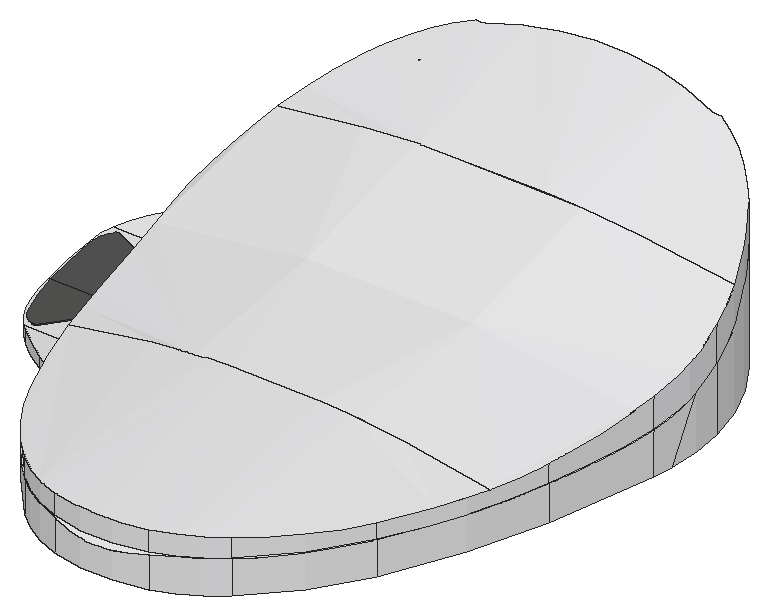
Revit family "Toilet_Seat-Elongated_Closed_Front-KOHLER-C3-230-K-4108BR_1", category Plumbing Fixtures, host Face, Revit 2017
Family settings
  Host = Face
  Round Connector Dimension = Use Diameter
  Part Type = Normal
  OmniClass Number = 23.31.19.19.17
  OmniClass Title = Water Closet Seats
  Cut with Voids When Loaded = No
  Shared = No
  Room Calculation Point = No
Parameters (values of type "0-White")
  Width = 17.14961"  # constant formula
  WaterSense Certified = 1 = 0  # no
  Waste Water Outlet = "Waste Water Outlet"  # constant formula
  Waste Connection = 1 = 0  # no
  Voltage = 240 V  # constant formula
  Vent Connection = 1 = 0  # no
  URL = "https://br.kohler.com/"
  Type = 1
  Product Page URL = "https://www.br.kohler.com/product-detail/4108br?skuid=K-4108BR-0"
  Product Name = "C3-230"  # constant formula
  Product Documentation Link = "http://resources.kohler.com/plumbing/kohlerbrazil/pdf/K-4108BR_spec_br.pdf"
  Pressure = 0.00 psi
  Model = "K-4108BR-0"  # constant formula
  Material = "Plastic"  # constant formula
  Master Format 2014 Name = "Residential Water Closets"  # constant formula
  Master Format 2014 = "22 41 13.13"  # constant formula
  Manufacturer Address = "Rio de Janeiro MULTIREPAROS RUA BATISTA DA COSTA, Nº 352 | STORE B Rio de Janeiro SÃO GONÇALO 24450-470"  # constant formula
  Manufacturer = "KOHLER Co."  # constant formula
  Length = 20.44882"  # constant formula
  Hot Water Inlet = "Hot Water Inlet"  # constant formula
  Height = 6.15748"  # constant formula
  HW Connection = 1 = 0  # no
  Flow Rate = 0 GPM
  Finish = Kohler-Plastic-0-White
  Environmental Product Declaration = ""
  Electrical Note = "Route the electrical and install to a 220-240V GFCI- or ELCB-protected Receptacle"  # constant formula
  Electrical Connector = 1 = 1  # yes
  Description = "Electronic toilet seat with bidet function - 110V"  # constant formula
  Default Elevation = 0"
  Declare Label = ""
  Date Modified = "01/14/2021"  # constant formula
  Date Created = "01/14/2021"  # constant formula
  Copyright = "Copyright KOHLER Co."  # constant formula
  Contact Us = "https://br.kohler.com/asr-listing"
  Cold Water Inlet = "Cold Water Inlet"  # constant formula
  CW Connection = 1 = 1  # yes
  Assembly Code = "D2010100"
  Apparent Load = 2400 VA  # constant formula
  ADA Compliant = 1 = 0  # no
Reference planes (in)
  plane 1 "Center (Front/Back)": y = 0
  plane 2: z = 0
  plane 3 "Center (Left/Right)": x = 0
  plane 4: y = -20.44882
  plane 5: z = 6.15748
  plane 6: x = 7.69278
  plane 7: x = -9.45682
  plane 8: z = 0.25235
  plane 9: y = -10.75
  plane 10: y = -5.80094
  plane 11: x = -7.9233
  plane 12: z = 0.92035
  plane 13: z = 1.49606
  plane 14: x = -7.70092
Dimensions and locks (in)
  "Length": plane 4 to plane 1 "Center (Front/Back)"
  "Height": plane 5 to level
  "Width": plane 6 to plane 7
  plane 9 to plane 1 "Center (Front/Back)" = 10 3/4"
  plane 13 to level = 1.49606"
  plane 14 to plane 6 = 15.3937"
  aligned and locked: plane 2 to host face
  aligned and locked: level to host face
Automatic sketch dimensions
  host sketch curve to host sketch curve = 96"  (x2)
Nested families (in)
  nested 1: "K-4108BR" at (0.00528, 0, 0), type "K-4108BR"
  nested 2: "Light Source" at (-0.00955, 0.2126, 0.60029) x (0, 1, 0) z (0, 0, 1), type "Light Source"
Connectors (in)
  electrical at (-7.33232, -4.75583, 1.1855), driven by "Electrical Connector", driven by "Electrical Note", driven by "Voltage", driven by "Apparent Load"
    settings: on nested 1, index 1, voltage 240 V, apparent load 2400 VA, apparent load phase1 0 VA, apparent load phase2 0 VA, apparent load phase3 0 VA, power factor 1, load classification "Power", number of poles 1, system type 30, power factor state 1, is connector primary yes, connector utility yes, sub classification motor no, connector description "Route the electrical and install to a 220-240V GFCI- or ELCB-protected Receptacle"
  piping at (-7.9233, -5.80094, 0.92035), diameter 0.5, driven by "CW Connection", driven by "Cold Water Inlet", driven by "Flow Rate"
    settings: on nested 1, index 2, connector inside diameter 24", connector length 0", flow factor 0, pipe flow 0 GPM, pressure drop 0.00 psi, fitting loss kfactor 0, connector angle 0.00°, fixture units 0, engagement length 0", angle of deflection 0.00°, flow configuration 0, flow direction 1, fitting loss method 0, system type 20, joint type 0, gender type 0, connector reference index -1, connector utility 1, adjustable connector no, is connector primary yes, connector description "Cold Water Inlet"
Definition of nested family "K-4108BR"
  Parameters (values of type "K-4108BR")
    Finish = none
  Reference planes (in)
    plane 1 "Center (Front/Back)": y = 0
    plane 2: z = 0
    plane 3 "Center (Left/Right)": x = 0
    plane 4: z = 6.1875
    plane 5: x = 7.6875
    plane 6: z = 0.22718
    plane 7: y = -20.5
    plane 8: x = -9.43848
    plane 9: z = 0.25235
    plane 10: y = -5.80094
    plane 11: x = -7.92858
    plane 12: z = 0.92035
  Forms (in)
    Extrusion 1, solid, material <- "Finish", detail levels medium+fine
      sketch origin (0, 0, 0) x (1, 0, 0) y (0, 1, 0)
        loop
          arc (3.21811, -0.46301) -> (0, -0.01438) -> (-3.21811, -0.46301) r 11.76638
          arc (-3.21811, -0.46301) -> (-4.76648, -1.17358) -> (-6.02837, -2.31811) r 5.58153
          arc (-6.02837, -2.31811) -> (-6.95535, -3.77962) -> (-7.52246, -5.41477) r 7.49639
          arc (-7.52246, -5.41477) -> (-7.69326, -6.71655) -> (-7.63433, -8.02816) r 7.49639
          arc (-7.63433, -8.02816) -> (-7.37625, -9.73974) -> (-7.05989, -11.44151) r 50.69936
          arc (-7.05989, -11.44151) -> (-6.405, -13.86808) -> (-5.4516, -16.19363) r 20.04551
          arc (-5.4516, -16.19363) -> (-4.49347, -17.77758) -> (-3.26114, -19.15898) r 10.05231
          arc (-3.26114, -19.15898) -> (-2.42572, -19.77763) -> (-1.47313, -20.19384) r 4.61995
          arc (-1.47313, -20.19384) -> (0, -20.41586) -> (1.47313, -20.19384) r 4.99813
          arc (1.47313, -20.19384) -> (2.42572, -19.77763) -> (3.26114, -19.15898) r 4.61995
          arc (3.26114, -19.15898) -> (4.49347, -17.77758) -> (5.4516, -16.19363) r 10.05231
          arc (5.4516, -16.19363) -> (6.405, -13.86808) -> (7.05989, -11.44151) r 20.04551
          arc (7.05989, -11.44151) -> (7.37625, -9.73974) -> (7.63433, -8.02816) r 50.69936
          arc (7.63433, -8.02816) -> (7.69326, -6.71655) -> (7.52246, -5.41477) r 7.49639
          arc (7.52246, -5.41477) -> (6.95535, -3.77962) -> (6.02837, -2.31811) r 7.49639
          arc (6.02837, -2.31811) -> (4.76648, -1.17358) -> (3.21811, -0.46301) r 5.58153
      from 0 to 6.36348
    Sweep 2, void
      path origin (0, 0, 0) x (0, 1, 0) y (0, 0, 1)
        loop
          arc (1.8246, 6.40275) -> (-1.37626, 5.34999) -> (-4.52538, 4.15126) r 73.3181
          arc (-4.52538, 4.15126) -> (-8.81367, 2.75925) -> (-13.25858, 2.00433) r 30.9836
          arc (-13.25858, 2.00433) -> (-17.09675, 1.67581) -> (-20.94073, 1.42436) r 192.0335
      profile origin (0, -13.25858, 2.00433) x (0, 0.095268, -0.995452) y (1, 0, 0)
        loop
          arc (0.9375, -8.5) -> (-0.25712, 0.01451) -> (0.9375, 8.52903) r 30.9405
          line (0.9375, 8.52903) -> (-5.5625, 8.52903) -> (-5.5625, -8.5) -> (0.9375, -8.5)
    Extrusion 3, void, detail levels medium+fine
      sketch origin (0, 0, 0) x (0, 1, 0) y (0, 0, 1)
        loop
          line (-20.49173, 1.05407) -> (-20.49173, 0.71365)
          arc (-20.49173, 0.71365) -> (-20.23088, 0.95214) -> (-19.88816, 1.03852) r 0.72311
          line (-19.88816, 1.03852) -> (-18.71042, 1.03852)
          arc (-18.71042, 1.03852) -> (-17.49482, 1.04049) -> (-16.27923, 1.04639) r 375.63314
          arc (-16.27923, 1.04639) -> (-14.89289, 1.05352) -> (-13.50654, 1.05699) r 523.6616
          arc (-13.50654, 1.05699) -> (-11.49299, 1.08519) -> (-9.48082, 1.16501) r 78.51973
          arc (-9.48082, 1.16501) -> (-8.26866, 1.28139) -> (-7.07109, 1.50204) r 14.08347
          arc (-7.07109, 1.50204) -> (-6.77673, 1.57318) -> (-6.48411, 1.65116) r 12.98825
          line (-6.48411, 1.65116) -> (-7.40766, -0.03784) -> (-7.37213, -0.03784) -> (-6.44214, 1.66294)
          arc (-6.44214, 1.66294) -> (-4.72017, 2.28366) -> (-3.10256, 3.14027) r 12.98825
          arc (-3.10256, 3.14027) -> (-2.23069, 3.70777) -> (-1.38156, 4.30878) r 26.72135
          arc (-1.38156, 4.30878) -> (-1.14448, 4.2177) -> (-0.89238, 4.24859) r 0.52488
          arc (-0.89238, 4.24859) -> (-0.34442, 4.35267) -> (0.20535, 4.25858) r 1.56975
          line (0.20535, 4.25858) -> (0.20535, 6.34477) -> (-0.69392, 5.64218)
          arc (-0.69392, 5.64218) -> (-0.6392, 5.2552) -> (-0.57657, 4.86943) r 19.0916
          arc (-0.57657, 4.86943) -> (-0.57225, 4.69665) -> (-0.61791, 4.52995) r 0.59331
          arc (-0.61791, 4.52995) -> (-0.97209, 4.24156) -> (-1.41296, 4.36096) r 0.5004
          arc (-1.41296, 4.36096) -> (-2.82336, 3.35624) -> (-4.3312, 2.50468) r 16.51938
          arc (-4.3312, 2.50468) -> (-6.65609, 1.62593) -> (-9.10945, 1.22798) r 12.41261
          arc (-9.10945, 1.22798) -> (-11.98075, 1.09756) -> (-14.85468, 1.05407) r 94.98598
          line (-14.85468, 1.05407) -> (-20.49173, 1.05407)
      from -7.77013 to 7.75302
    Extrusion 4, solid, material <- "Finish", detail levels medium+fine
      sketch origin (0, 0, 0) x (0, 1, 0) y (0, 0, 1)
        loop
          line (-0.16582, 4.11715) -> (-0.34721, 4.90284)
          arc (-0.34721, 4.90284) -> (-0.48688, 5.20803) -> (-0.73542, 5.43359) r 0.8352
          line (-0.73542, 5.43359) -> (-0.73542, 4.11715) -> (-0.16582, 4.11715)
      from -2.95276 to 3.11696
    Extrusion 5, void
      sketch origin (0, -0.03125, 0) x (1, 0, 0) y (0, 1, 0)
        loop
          line (3.21811, -0.46301) -> (3.21811, 0.03699) -> (-3.09878, 0.03699) -> (-3.09878, -0.42983)
          arc (-3.09878, -0.42983) -> (-1.56294, -0.13194) -> (0, -0.06309) r 10.61202
          arc (0, -0.06309) -> (1.62442, -0.1394) -> (3.21811, -0.46301) r 10.61202
      from 3.90511 to 5.72495
    Extrusion 6, solid, material <- "Finish", detail levels medium+fine
      sketch origin (0, 0, 0) x (0, 1, 0) y (0, 0, 1)
        loop
          line (-0.51973, 5.55823) -> (-0.88809, 5.38646) -> (-0.88809, 4.19155) -> (-0.12784, 4.19155) -> (-0.51973, 5.55823)
      from 3.01179 to 3.13401
    Extrusion 7, solid, material <- "Finish", detail levels medium+fine
      sketch origin (0, 0, 0) x (0, 1, 0) y (0, 0, -1)
        loop
          line (-0.51973, -5.55823) -> (-0.12784, -4.19155) -> (-0.88809, -4.19155) -> (-0.88809, -5.38646) -> (-0.51973, -5.55823)
      from 3.01179 to 3.13401
    Extrusion 8, solid, material <- "Finish"
      sketch origin (0, 0, 0) x (0, 1, 0) y (0, 0, 1)
        loop
          arc (-8.10861, 1.13089) -> (-9.43948, 0.95739) -> (-10.77935, 0.87941) r 18.77516
          arc (-10.77935, 0.87941) -> (-11.8877, 0.86934) -> (-12.99593, 0.88876) r 41.66374
          arc (-12.99593, 0.88876) -> (-13.79881, 0.93633) -> (-14.59771, 1.02931) r 14.18731
          line (-14.59771, 1.02931) -> (-14.59771, 0.7053) -> (-13.86937, 0.58994)
          arc (-13.86937, 0.58994) -> (-12.86766, 0.46162) -> (-11.8601, 0.39294) r 17.01978
          arc (-11.8601, 0.39294) -> (-10.9891, 0.37509) -> (-10.11801, 0.38842) r 24.33662
          arc (-10.11801, 0.38842) -> (-9.35234, 0.41616) -> (-8.58684, 0.44849) r 127.68557
          arc (-8.58684, 0.44849) -> (-7.7288, 0.57474) -> (-6.91345, 0.87035) r 4.30622
          line (-6.91345, 0.87035) -> (-6.4655, 1.67849)
          arc (-6.4655, 1.67849) -> (-7.26561, 1.34035) -> (-8.10861, 1.13089) r 5.56286
      from -9.63232 to -5.35433
    Extrusion 9, void
      sketch origin (0, 0, 0) x (1, 0, 0) y (0, 1, 0)
        loop
          line (-7.54489, -6.48776) -> (-7.54489, -6.15976) -> (-9.79489, -6.15976) -> (-9.79489, -14.78489) -> (-5.84699, -14.78489) -> (-6.91653, -14.03599)
          arc (-6.91653, -14.03599) -> (-7.47514, -13.62185) -> (-8.0105, -13.17806) r 12.83427
          arc (-8.0105, -13.17806) -> (-8.5294, -12.58959) -> (-8.88113, -11.88828) r 3.05193
          arc (-8.88113, -11.88828) -> (-9.27387, -10.39394) -> (-9.42667, -8.85643) r 9.79239
          arc (-9.42667, -8.85643) -> (-9.27516, -8.06851) -> (-8.81547, -7.41089) r 1.92403
          arc (-8.81547, -7.41089) -> (-8.20845, -6.91041) -> (-7.54489, -6.48776) r 6.43387
      from 0.25591 to 1.78504
    Extrusion 10, solid, material <- "Finish", detail levels medium+fine
      sketch origin (0, 0, 0) x (0, 1, 0) y (0, 0, 1)
        loop
          arc (-1.2979, 4.73942) -> (-3.56552, 3.16493) -> (-6.10642, 2.08558) r 13.47548
          arc (-6.10642, 2.08558) -> (-9.2036, 1.39709) -> (-12.37103, 1.21299) r 19.76718
          arc (-12.37103, 1.21299) -> (-15.43707, 1.26604) -> (-18.50349, 1.28853) r 307.77215
          arc (-18.50349, 1.28853) -> (-19.1969, 1.28938) -> (-19.89031, 1.28867) r 307.77215
          line (-19.89031, 1.28867) -> (-19.89031, 0.91173) -> (-18.56185, 0.91173)
          arc (-18.56185, 0.91173) -> (-14.02488, 0.953) -> (-9.48942, 1.0768) r 249.40123
          arc (-9.48942, 1.0768) -> (-5.13825, 1.95608) -> (-1.2979, 4.1826) r 13.67664
          line (-1.2979, 4.1826) -> (-1.2979, 4.73942)
      from -7.44902 to 7.38839
    Extrusion 11, void
      sketch origin (0, 0, 0) x (1, 0, 0) y (0, 1, 0)
        loop
          arc (5.63988, -2.63286) -> (4.49102, -1.59086) -> (3.08136, -0.94395) r 5.08153
          arc (3.08136, -0.94395) -> (0, -0.51438) -> (-3.08136, -0.94395) r 11.26638
          arc (-3.08136, -0.94395) -> (-4.49102, -1.59086) -> (-5.63988, -2.63286) r 5.08153
          arc (-5.63988, -2.63286) -> (-6.50502, -3.9969) -> (-7.03431, -5.52298) r 6.99639
          arc (-7.03431, -5.52298) -> (-7.19372, -6.73793) -> (-7.13872, -7.96206) r 6.99639
          arc (-7.13872, -7.96206) -> (-6.88318, -9.65676) -> (-6.56995, -11.34175) r 50.19936
          arc (-6.56995, -11.34175) -> (-5.93139, -13.70779) -> (-5.00177, -15.97533) r 19.54551
          arc (-5.00177, -15.97533) -> (-4.93948, -16.10133) -> (-4.87534, -16.22639) r 9.55231
          arc (-4.87534, -16.22639) -> (0, -19.1806) -> (4.87534, -16.22639) r 5.5
          arc (4.87534, -16.22639) -> (4.93948, -16.10133) -> (5.00177, -15.97533) r 9.55231
          arc (5.00177, -15.97533) -> (5.93139, -13.70779) -> (6.56995, -11.34175) r 19.54551
          arc (6.56995, -11.34175) -> (6.88318, -9.65676) -> (7.13872, -7.96206) r 50.19936
          arc (7.13872, -7.96206) -> (7.19372, -6.73793) -> (7.03431, -5.52298) r 6.99639
          arc (7.03431, -5.52298) -> (6.50502, -3.9969) -> (5.63988, -2.63286) r 6.99639
        loop
          line (7.56728, -0.27809) -> (-7.55772, -0.27809) -> (-7.55772, -20.09059) -> (7.56728, -20.09059) -> (7.56728, -0.27809)
      from 0 to 12
    Extrusion 12, solid, material <- "Finish", detail levels coarse
      sketch origin (0, 0, 0) x (1, 0, 0) y (0, 1, 0)
        loop
          arc (-3.21811, -0.46301) -> (-4.76648, -1.17358) -> (-6.02837, -2.31811) r 5.58153
          arc (-6.02837, -2.31811) -> (-6.95535, -3.77962) -> (-7.52246, -5.41477) r 7.49639
          arc (-7.52246, -5.41477) -> (-7.69326, -6.71655) -> (-7.63433, -8.02816) r 7.49639
          arc (-7.63433, -8.02816) -> (-7.37625, -9.73974) -> (-7.05989, -11.44151) r 50.69936
          arc (-7.05989, -11.44151) -> (-6.405, -13.86808) -> (-5.4516, -16.19363) r 20.04551
          arc (-5.4516, -16.19363) -> (-4.49347, -17.77758) -> (-3.26114, -19.15898) r 10.05231
          arc (-3.26114, -19.15898) -> (-2.42572, -19.77763) -> (-1.47313, -20.19384) r 4.61995
          arc (-1.47313, -20.19384) -> (0, -20.41586) -> (1.47313, -20.19384) r 4.99813
          arc (1.47313, -20.19384) -> (2.42572, -19.77763) -> (3.26114, -19.15898) r 4.61995
          arc (3.26114, -19.15898) -> (4.49347, -17.77758) -> (5.4516, -16.19363) r 10.05231
          arc (5.4516, -16.19363) -> (6.405, -13.86808) -> (7.05989, -11.44151) r 20.04551
          arc (7.05989, -11.44151) -> (7.37625, -9.73974) -> (7.63433, -8.02816) r 50.69936
          arc (7.63433, -8.02816) -> (7.69326, -6.71655) -> (7.52246, -5.41477) r 7.49639
          arc (7.52246, -5.41477) -> (6.95535, -3.77962) -> (6.02837, -2.31811) r 7.49639
          arc (6.02837, -2.31811) -> (4.76648, -1.17358) -> (3.21811, -0.46301) r 5.58153
          arc (3.21811, -0.46301) -> (0, -0.01438) -> (-3.21811, -0.46301) r 11.76638
      from 0 to 6.34881
    Extrusion 13, void
      sketch origin (0, 0, -0.03125) x (0, 1, 0) y (0, 0, 1)
        loop
          arc (-7.93442, 3.2589) -> (-5.08319, 4.24938) -> (-2.30259, 5.42364) r 46.27143
          arc (-2.30259, 5.42364) -> (-1.03658, 5.87517) -> (0.28966, 6.09375) r 7.50888
          line (0.28966, 6.09375) -> (0.28966, 6.79546) -> (-20.52284, 6.79546) -> (-20.52284, 1.67852)
          arc (-20.52284, 1.67852) -> (-17.1429, 1.94572) -> (-13.76053, 2.18026) r 351.19212
          arc (-13.76053, 2.18026) -> (-10.81544, 2.54655) -> (-7.93442, 3.2589) r 25.02584
      from -7.86471 to 7.80039
    Extrusion 14, solid, detail levels medium+fine
      sketch origin (0, 0, 0) x (1, 0, 0) y (0, 1, 0)
        loop
          line (-7.66059, -8.85921) -> (-8.97901, -8.27688)
          arc (-8.97901, -8.27688) -> (-9.05975, -8.26728) -> (-9.13198, -8.3046) r 0.13864
          arc (-9.13198, -8.3046) -> (-9.31577, -8.57899) -> (-9.37417, -8.90404) r 0.80647
          arc (-9.37417, -8.90404) -> (-9.14862, -10.68457) -> (-8.58215, -12.38759) r 9.21353
          arc (-8.58215, -12.38759) -> (-8.38895, -12.65544) -> (-8.10459, -12.82339) r 0.80647
          arc (-8.10459, -12.82339) -> (-7.99849, -12.81635) -> (-7.92858, -12.73623) r 0.13864
          line (-7.92858, -12.73623) -> (-7.22795, -11.6975)
          arc (-7.22795, -11.6975) -> (-7.1452, -11.50253) -> (-7.1415, -11.29077) r 0.555
          line (-7.1415, -11.29077) -> (-7.54462, -9.00457)
          arc (-7.54462, -9.00457) -> (-7.58476, -8.91766) -> (-7.66059, -8.85921) r 0.20078
      from 0.71093 to 1.15125
    Extrusion 15, void
      sketch origin (0, 0, 0) x (0, 1, 0) y (0, 0, 1)
        loop
          line (-8.10861, 1.14652) -> (-8.10861, 3.6425) -> (-12.98601, 3.47218) -> (-12.98601, 0.90408)
          arc (-12.98601, 0.90408) -> (-11.88274, 0.88495) -> (-10.77935, 0.89503) r 41.66374
          arc (-10.77935, 0.89503) -> (-9.43948, 0.97301) -> (-8.10861, 1.14652) r 18.77516
      from -9.60925 to -6.96734
    Extrusion 16, solid
      sketch origin (0, 0, 0) x (0, 1, 0) y (0, 0, 1)
        loop
          circle (-5.80094, 0.92035) r 0.5
        loop
          circle (-5.80094, 0.92035) r 0.40915
      from -7.92858 to -7.26578
  Cuts and joins
    Sweep 2, Extrusion 3 cuts Extrusion 1
    Extrusion 5, Extrusion 15 cuts Extrusion 4
    Extrusion 15 cuts Extrusion 6
    Extrusion 15 cuts Extrusion 7
    joined: Extrusion 1, Extrusion 4, Extrusion 6, Extrusion 7
    Extrusion 9 cuts Extrusion 8
    Extrusion 11 cuts Extrusion 10
    Extrusion 13 cuts Extrusion 12
    Extrusion 15 cuts Extrusion 14
  Lines and regions (in)
    Masking region 1
      outline origin (0, 0, 0) x (1, 0, 0) y (0, 1, 0)
        loop
          arc (-6.02837, -2.31811) -> (-6.92977, -3.72712) -> (-7.49629, -5.30094) r 7.49639
          line (-7.49629, -5.30094) -> (-7.92858, -5.30094) -> (-7.92858, -6.30094) -> (-7.66388, -6.30094)
          arc (-7.66388, -6.30094) -> (-7.67585, -6.43435) -> (-7.68542, -6.56795) r 7.49639
          arc (-7.68542, -6.56795) -> (-8.2736, -6.95838) -> (-8.81547, -7.41089) r 6.43387
          arc (-8.81547, -7.41089) -> (-9.27713, -8.06532) -> (-9.43848, -8.84978) r 1.96001
          arc (-9.43848, -8.84978) -> (-9.27745, -10.39061) -> (-8.88113, -11.88828) r 10.03311
          arc (-8.88113, -11.88828) -> (-8.5294, -12.58959) -> (-8.0105, -13.17806) r 3.05193
          arc (-8.0105, -13.17806) -> (-7.47514, -13.62185) -> (-6.91653, -14.03599) r 12.83427
          line (-6.91653, -14.03599) -> (-6.15964, -14.56596)
          arc (-6.15964, -14.56596) -> (-5.82648, -15.38697) -> (-5.45736, -16.19245) r 20.04551
          arc (-5.45736, -16.19245) -> (-4.39268, -17.91802) -> (-3.00338, -19.39483) r 10.05231
          arc (-3.00338, -19.39483) -> (-1.77451, -20.15848) -> (-0.36858, -20.5) r 4.57275
          line (-0.36858, -20.5) -> (0.35706, -20.5)
          arc (0.35706, -20.5) -> (1.763, -20.15848) -> (2.99186, -19.39483) r 4.57275
          arc (2.99186, -19.39483) -> (4.38116, -17.91802) -> (5.44584, -16.19245) r 10.05231
          arc (5.44584, -16.19245) -> (6.39924, -13.8669) -> (7.05414, -11.44033) r 20.04551
          arc (7.05414, -11.44033) -> (7.37049, -9.73856) -> (7.62857, -8.02698) r 50.69936
          arc (7.62857, -8.02698) -> (7.66435, -7.47123) -> (7.6875, -6.91482) r 24.52049
          arc (7.6875, -6.91482) -> (7.64149, -6.15972) -> (7.5167, -5.41359) r 7.21769
          arc (7.5167, -5.41359) -> (6.94959, -3.77844) -> (6.02261, -2.31692) r 7.49639
          arc (6.02261, -2.31692) -> (4.72672, -1.15013) -> (3.13401, -0.44017) r 5.58153
          line (3.13401, -0.44017) -> (3.13401, -0.12784) -> (3.01179, -0.12784) -> (3.01179, -0.40637)
          arc (3.01179, -0.40637) -> (1.51883, -0.10731) -> (0, 0) r 11.98243
          arc (0, 0) -> (-1.51542, -0.13262) -> (-3.01179, -0.40637) r 16.25009
          line (-3.01179, -0.40637) -> (-3.01179, -0.12784) -> (-3.13401, -0.12784) -> (-3.13401, -0.43981)
          arc (-3.13401, -0.43981) -> (-4.72997, -1.14969) -> (-6.02837, -2.31811) r 5.58153
    Masking region 2
      outline origin (0, 0, 0) x (0, 1, 0) y (0, 0, 1)
        loop
          line (-1.41296, 0) -> (-1.15118, 0.112) -> (-0.2623, 0.112)
          arc (-0.2623, 0.112) -> (-0.18086, 0.14574) -> (-0.14712, 0.22718) r 0.11518
          line (-0.14712, 0.22718) -> (-0.14712, 0.31763) -> (0, 0.31763) -> (0, 4.31763)
          arc (0, 4.31763) -> (-0.07165, 5.20109) -> (-0.09218, 6.08721) r 15.34783
          arc (-0.09218, 6.08721) -> (-0.05188, 6.10384) -> (-0.01441, 6.12612) r 0.3011
          arc (-0.01441, 6.12612) -> (-0.0013, 6.16317) -> (-0.03219, 6.18748) r 0.03373
          arc (-0.03219, 6.18748) -> (-0.24273, 6.09674) -> (-0.45368, 6.00697) r 50.15612
          arc (-0.45368, 6.00697) -> (-3.79177, 4.67503) -> (-7.18144, 3.48046) r 88.03294
          arc (-7.18144, 3.48046) -> (-9.08639, 2.9392) -> (-11.02971, 2.55801) r 23.82542
          arc (-11.02971, 2.55801) -> (-12.76524, 2.32142) -> (-14.50767, 2.14268) r 52.65261
          arc (-14.50767, 2.14268) -> (-16.58148, 1.97311) -> (-18.65657, 1.82014) r 260.00975
          arc (-18.65657, 1.82014) -> (-19.52349, 1.76712) -> (-20.39118, 1.72885) r 51.08368
          arc (-20.39118, 1.72885) -> (-20.47674, 1.69071) -> (-20.51181, 1.60385) r 0.12508
          line (-20.51181, 1.60385) -> (-20.32251, 1.05407) -> (-20.18798, 1.05407)
          arc (-20.18798, 1.05407) -> (-20.43234, 0.67291) -> (-20.51181, 0.22718) r 1.15762
          line (-20.51181, 0.22718) -> (-19.81425, 0.22718) -> (-19.30399, 0) -> (-1.41296, 0)
    Masking region 3
      outline origin (0, 0, 0) x (1, 0, 0) y (0, 0, 1)
        loop
          line (-7.6875, 2.67163) -> (-7.6875, 1.62631)
          spline (-7.6875, 1.62631) -> (-7.78807, 1.59745) -> (-7.88755, 1.56878) -> (-7.9859, 1.54029) -> (-8.08311, 1.51201) -> (-8.17912, 1.48395) -> (-8.27392, 1.4561) -> (-8.36747, 1.42848) -> (-8.45974, 1.4011) -> (-8.55071, 1.37396) -> (-8.64034, 1.34709) -> (-8.7286, 1.32047) -> (-8.81547, 1.29413)
          spline (-8.81547, 1.29413) -> (-8.86637, 1.27952) -> (-8.91544, 1.26503) -> (-8.96259, 1.25067) -> (-9.00777, 1.23648) -> (-9.05092, 1.22247) -> (-9.09197, 1.20865) -> (-9.13089, 1.19505) -> (-9.1676, 1.18168) -> (-9.20208, 1.16856) -> (-9.23426, 1.15571) -> (-9.26411, 1.14315) -> (-9.29158, 1.13089)
          arc (-9.29158, 1.13089) -> (-9.36198, 1.09112) -> (-9.42487, 1.04031) r 0.48988
          arc (-9.42487, 1.04031) -> (-9.43501, 1.01727) -> (-9.43848, 0.99235) r 0.09128
          line (-9.43848, 0.99235) -> (-9.43848, 0.47145)
          arc (-9.43848, 0.47145) -> (-9.43353, 0.45369) -> (-9.42667, 0.43658) r 0.16886
          spline (-9.42667, 0.43658) -> (-9.42398, 0.43208) -> (-9.42015, 0.42766) -> (-9.41519, 0.42334) -> (-9.40909, 0.4191) -> (-9.40185, 0.41495) -> (-9.39348, 0.41089) -> (-9.38397, 0.40691) -> (-9.37333, 0.40303) -> (-9.36156, 0.39924) -> (-9.34865, 0.39555) -> (-9.33462, 0.39194) -> (-9.31946, 0.38842)
          arc (-9.31946, 0.38842) -> (-9.22031, 0.37831) -> (-9.1207, 0.37494) r 1.47116
          line (-9.1207, 0.37494) -> (-7.6875, 0.37494) -> (-7.6875, 0.24892)
          arc (-7.6875, 0.24892) -> (-7.68113, 0.23355) -> (-7.66576, 0.22718) r 0.02174
          line (-7.66576, 0.22718) -> (-7.02629, 0.22718) -> (-6.79911, 0) -> (6.79911, 0) -> (7.02629, 0.22718) -> (7.66406, 0.22718)
          arc (7.66406, 0.22718) -> (7.68064, 0.23405) -> (7.6875, 0.25062) r 0.02344
          line (7.6875, 0.25062) -> (7.6875, 2.67163)
          arc (7.6875, 2.67163) -> (7.47388, 3.16088) -> (7.18431, 3.60937) r 3.30665
          spline (7.18431, 3.60937) -> (7.1127, 3.69953) -> (7.03644, 3.78929) -> (6.95556, 3.87859) -> (6.87012, 3.96738) -> (6.78016, 4.05562) -> (6.68573, 4.14325) -> (6.58688, 4.23023) -> (6.48368, 4.31651) -> (6.37617, 4.40204) -> (6.26442, 4.48678) -> (6.14849, 4.57066) -> (6.02844, 4.65366)
          spline (6.02844, 4.65366) -> (5.88452, 4.74763) -> (5.73368, 4.83966) -> (5.57529, 4.92937) -> (5.40961, 5.01661) -> (5.23691, 5.10125) -> (5.05748, 5.18314) -> (4.87162, 5.26215) -> (4.67963, 5.33814) -> (4.48182, 5.41099) -> (4.27853, 5.48059) -> (4.07009, 5.54681) -> (3.85685, 5.60954)
          arc (3.85685, 5.60954) -> (2.29337, 5.96514) -> (0.70142, 6.1565) r 15.42454
          arc (0.70142, 6.1565) -> (0.48285, 6.17165) -> (0.26433, 6.1875) r 69.2082
          line (0.26433, 6.1875) -> (-0.16391, 6.1875)
          arc (-0.16391, 6.1875) -> (-0.60013, 6.16318) -> (-1.03567, 6.12879) r 18.89343
          arc (-1.03567, 6.12879) -> (-2.43072, 5.93796) -> (-3.80262, 5.62096) r 15.45488
          spline (-3.80262, 5.62096) -> (-4.02143, 5.55729) -> (-4.23532, 5.49001) -> (-4.44392, 5.41924) -> (-4.64688, 5.34511) -> (-4.84383, 5.26774) -> (-5.03445, 5.18726) -> (-5.2184, 5.10381) -> (-5.39537, 5.01754) -> (-5.56505, 4.9286) -> (-5.72716, 4.83713) -> (-5.88142, 4.7433) -> (-6.02755, 4.64726)
          spline (-6.02755, 4.64726) -> (-6.14837, 4.56474) -> (-6.26418, 4.48103) -> (-6.37583, 4.39644) -> (-6.48323, 4.31102) -> (-6.58635, 4.2248) -> (-6.6851, 4.13783) -> (-6.77945, 4.05017) -> (-6.86934, 3.96187) -> (-6.95472, 3.87297) -> (-7.03554, 3.78352) -> (-7.11175, 3.69357) -> (-7.18332, 3.60317)
          arc (-7.18332, 3.60317) -> (-7.47191, 3.15716) -> (-7.6875, 2.67163) r 3.39995
    symbolic lines, detail levels medium+fine
      curve 1: arc (-7.05989, -11.44151, 0) -> (-6.66984, -13.02474, 0) -> (-6.1524, -14.57103, 0) r 20.04551
      curve 2: arc (-7.68547, -7.63282, 0) -> (-7.40894, -9.54312, 0) -> (-7.05989, -11.44151, 0) r 50.69936
      curve 3: line (-3.13401, -0.43981, 0) -> (-3.01403, -0.40771, 0)
      curve 4: line (3.01179, -0.40637, 0) -> (3.13401, -0.43981, 0)
      curve 5: spline (0, -5.35163, 3.113) -> (0, -5.1679, 3.19333) -> (0, -4.98592, 3.27511) -> (0, -4.80578, 3.35831) -> (0, -4.62759, 3.44288) -> (0, -4.45144, 3.52876) -> (0, -4.27742, 3.61592) -> (0, -4.10563, 3.70431) -> (0, -3.93617, 3.79387) -> (0, -3.76913, 3.88456) -> (0, -3.6046, 3.97633) -> (0, -3.44267, 4.06913) -> (0, -3.28343, 4.16291)
      curve 6: spline (0, -7.99906, 2.24154) -> (0, -7.7732, 2.29687) -> (0, -7.54755, 2.35557) -> (0, -7.32234, 2.41756) -> (0, -7.09779, 2.4828) -> (0, -6.87412, 2.55121) -> (0, -6.65155, 2.62274) -> (0, -6.43032, 2.6973) -> (0, -6.21062, 2.77483) -> (0, -5.99269, 2.85524) -> (0, -5.77674, 2.93847) -> (0, -5.56298, 3.02442) -> (0, -5.35163, 3.113)
      curve 7: spline (0, -11.39269, 1.66855) -> (0, -11.10907, 1.70006) -> (0, -10.82548, 1.73455) -> (0, -10.54193, 1.77199) -> (0, -10.25849, 1.8124) -> (0, -9.97518, 1.85577) -> (0, -9.69204, 1.90208) -> (0, -9.40912, 1.95134) -> (0, -9.12645, 2.00354) -> (0, -8.84407, 2.05866) -> (0, -8.56202, 2.11671) -> (0, -8.28034, 2.17767) -> (0, -7.99906, 2.24154)
      curve 8: spline (0, -13.2473, 1.54431) -> (0, -13.09424, 1.54901) -> (0, -12.94086, 1.55474) -> (0, -12.78717, 1.5615) -> (0, -12.63318, 1.56929) -> (0, -12.47892, 1.57811) -> (0, -12.3244, 1.58796) -> (0, -12.16963, 1.59883) -> (0, -12.01463, 1.61073) -> (0, -11.85943, 1.62365) -> (0, -11.70402, 1.6376) -> (0, -11.54844, 1.65256) -> (0, -11.39269, 1.66855)
      curve 9: spline (0, -16.19397, 1.51586) -> (0, -15.95574, 1.51406) -> (0, -15.71604, 1.51302) -> (0, -15.4749, 1.51273) -> (0, -15.23236, 1.51321) -> (0, -14.98848, 1.51445) -> (0, -14.74329, 1.51644) -> (0, -14.49685, 1.5192) -> (0, -14.24919, 1.52271) -> (0, -14.00036, 1.52698) -> (0, -13.7504, 1.53201) -> (0, -13.49937, 1.53779) -> (0, -13.2473, 1.54433)
      curve 10: spline (0, -18.46552, 1.58231) -> (0, -18.29294, 1.57533) -> (0, -18.117, 1.56859) -> (0, -17.9378, 1.56212) -> (0, -17.75543, 1.5559) -> (0, -17.56998, 1.54995) -> (0, -17.38155, 1.54426) -> (0, -17.19024, 1.53884) -> (0, -16.99615, 1.53369) -> (0, -16.79937, 1.52881) -> (0, -16.60001, 1.52421) -> (0, -16.39818, 1.5199) -> (0, -16.19397, 1.51586)
      curve 11: line (0, -14.85468, 1.05407) -> (0, -20.18798, 1.05407)
      curve 12: arc (0, -20.51181, 1.60053) -> (0, -19.48852, 1.60814) -> (0, -18.46552, 1.58231) r 31.31426
      curve 13: arc (0, -9.37982, 1.17067) -> (0, -12.11663, 1.08322) -> (0, -14.85468, 1.05407) r 128.58609
      curve 14: arc (0, -5.94596, 1.83858) -> (0, -7.63787, 1.37603) -> (0, -9.37982, 1.17067) r 11.74198
      curve 15: arc (0, -1.86888, 4.01146) -> (0, -3.82686, 2.77386) -> (0, -5.94596, 1.83858) r 15.66176
      curve 16: arc (0, -1.41296, 4.36096) -> (0, -1.63949, 4.18435) -> (0, -1.86888, 4.01146) r 17.58639
      curve 17: arc (0, -0.61791, 4.52995) -> (0, -0.97209, 4.24156) -> (0, -1.41296, 4.36096) r 0.5004
      curve 18: arc (0, -0.57657, 4.86943) -> (0, -0.57225, 4.69665) -> (0, -0.61791, 4.52995) r 0.59331
      curve 19: line (0, -6.51841, 1.65143) -> (0, -7.25425, 0.25235)
      curve 20: arc (0, -8.58684, 0.44849) -> (0, -7.74011, 0.5719) -> (0, -6.9345, 0.86029) r 4.30622
      curve 21: arc (0, -10.11801, 0.38842) -> (0, -9.35234, 0.41616) -> (0, -8.58684, 0.44849) r 127.68557
      curve 22: arc (0, -11.8601, 0.39294) -> (0, -10.9891, 0.37509) -> (0, -10.11801, 0.38842) r 24.33662
      curve 23: arc (0, -13.86937, 0.58994) -> (0, -12.86766, 0.46162) -> (0, -11.8601, 0.39294) r 17.01978
      curve 24: line (0, -14.59771, 0.7053) -> (0, -13.86937, 0.58994)
      curve 25: line (0, -14.59771, 1.02931) -> (0, -14.59771, 0.7053)
      curve 26: arc (0, -12.99593, 0.88876) -> (0, -13.79881, 0.93633) -> (0, -14.59771, 1.02931) r 14.18731
      curve 27: arc (0, -10.77935, 0.87941) -> (0, -11.8877, 0.86934) -> (0, -12.99593, 0.88876) r 41.66374
      curve 28: arc (0, -8.10861, 1.13089) -> (0, -9.43948, 0.95739) -> (0, -10.77935, 0.87941) r 18.77516
      curve 29: arc (0, -6.51841, 1.65143) -> (0, -7.29382, 1.33103) -> (0, -8.10861, 1.13089) r 5.56286
      curve 30: line (0, -1.41296, 4.36096) -> (0, -1.41296, 0.22718)
      curve 31: spline (-9.42667, 0, 1.02149) -> (-9.42213, 0, 1.00195) -> (-9.41491, 0, 0.98378) -> (-9.40502, 0, 0.96701) -> (-9.39245, 0, 0.95163) -> (-9.37722, 0, 0.93766) -> (-9.35933, 0, 0.92509) -> (-9.33878, 0, 0.91393) -> (-9.31559, 0, 0.90419) -> (-9.28975, 0, 0.89586) -> (-9.26129, 0, 0.88895) -> (-9.2302, 0, 0.88347) -> (-9.1965, 0, 0.87941)
      curve 32: spline (-9.1965, 0, 0.87941) -> (-9.17643, 0, 0.87752) -> (-9.15553, 0, 0.87581) -> (-9.13382, 0, 0.8743) -> (-9.11128, 0, 0.87297) -> (-9.08794, 0, 0.87183) -> (-9.06378, 0, 0.87087) -> (-9.0388, 0, 0.87011) -> (-9.01302, 0, 0.86953) -> (-8.98644, 0, 0.86914) -> (-8.95904, 0, 0.86895) -> (-8.93085, 0, 0.86893) -> (-8.90186, 0, 0.86911)
      curve 33: spline (-8.90186, 0, 0.86912) -> (-8.85009, 0, 0.86977) -> (-8.79096, 0, 0.87083) -> (-8.72463, 0, 0.87229) -> (-8.65127, 0, 0.87416) -> (-8.57106, 0, 0.87642) -> (-8.48421, 0, 0.87907) -> (-8.39096, 0, 0.88211) -> (-8.29153, 0, 0.88553) -> (-8.18619, 0, 0.88931) -> (-8.07522, 0, 0.89345) -> (-7.95888, 0, 0.89794) -> (-7.8375, 0, 0.90277)
      curve 34: spline (-7.8375, 0, 0.90277) -> (-7.76319, 0, 0.90622) -> (-7.68841, 0, 0.9099) -> (-7.61319, 0, 0.9138) -> (-7.53751, 0, 0.91793) -> (-7.4614, 0, 0.92229) -> (-7.38484, 0, 0.92688) -> (-7.30785, 0, 0.93169) -> (-7.23042, 0, 0.93673) -> (-7.15257, 0, 0.942) -> (-7.07431, 0, 0.94749) -> (-6.99562, 0, 0.95321) -> (-6.91653, 0, 0.95915)
      curve 35: spline (-6.91653, 0, 0.95915) -> (-6.84963, 0, 0.96413) -> (-6.78273, 0, 0.96927) -> (-6.71585, 0, 0.97457) -> (-6.64898, 0, 0.98002) -> (-6.58211, 0, 0.98563) -> (-6.51525, 0, 0.9914) -> (-6.4484, 0, 0.99733) -> (-6.38157, 0, 1.00341) -> (-6.31474, 0, 1.00965) -> (-6.24792, 0, 1.01605) -> (-6.18111, 0, 1.0226) -> (-6.11431, 0, 1.02931)
      curve 36: spline (-7.41928, 0, 1.16505) -> (-7.44444, 0, 1.17411) -> (-7.46909, 0, 1.1849) -> (-7.49325, 0, 1.19744) -> (-7.5169, 0, 1.21172) -> (-7.54004, 0, 1.22774) -> (-7.56266, 0, 1.24549) -> (-7.58477, 0, 1.26497) -> (-7.60637, 0, 1.28619) -> (-7.62744, 0, 1.30913) -> (-7.64799, 0, 1.3338) -> (-7.66801, 0, 1.36019) -> (-7.6875, 0, 1.3883)
      curve 37: spline (-7.06728, 0, 1.08759) -> (-7.09946, 0, 1.09222) -> (-7.13113, 0, 1.09718) -> (-7.16228, 0, 1.10248) -> (-7.19291, 0, 1.1081) -> (-7.22302, 0, 1.11406) -> (-7.25262, 0, 1.12035) -> (-7.28169, 0, 1.12697) -> (-7.31025, 0, 1.13393) -> (-7.33829, 0, 1.14121) -> (-7.3658, 0, 1.14883) -> (-7.3928, 0, 1.15677) -> (-7.41928, 0, 1.16505)
      curve 38: spline (-6.52873, 0, 1.05701) -> (-6.58214, 0, 1.05741) -> (-6.63402, 0, 1.05821) -> (-6.68435, 0, 1.05939) -> (-6.73314, 0, 1.06097) -> (-6.78037, 0, 1.06293) -> (-6.82605, 0, 1.06528) -> (-6.87018, 0, 1.06803) -> (-6.91274, 0, 1.07116) -> (-6.95373, 0, 1.07469) -> (-6.99315, 0, 1.0786) -> (-7.03101, 0, 1.0829) -> (-7.06728, 0, 1.08759)
      curve 39: spline (-5.47476, 0, 1.04724) -> (-5.57695, 0, 1.04854) -> (-5.67657, 0, 1.04976) -> (-5.77361, 0, 1.05089) -> (-5.86806, 0, 1.05193) -> (-5.9599, 0, 1.05288) -> (-6.04912, 0, 1.05374) -> (-6.1357, 0, 1.05451) -> (-6.21964, 0, 1.05519) -> (-6.30093, 0, 1.05578) -> (-6.37955, 0, 1.05628) -> (-6.45548, 0, 1.05669) -> (-6.52873, 0, 1.05701)
      curve 40: spline (0, 0, 1.05777) -> (-0.58615, 0, 1.05286) -> (-1.1556, 0, 1.04864) -> (-1.70608, 0, 1.04515) -> (-2.23537, 0, 1.04238) -> (-2.74137, 0, 1.04036) -> (-3.22205, 0, 1.03908) -> (-3.67549, 0, 1.03856) -> (-4.09987, 0, 1.0388) -> (-4.49349, 0, 1.03979) -> (-4.85479, 0, 1.04153) -> (-5.18232, 0, 1.04402) -> (-5.47476, 0, 1.04724)
      curve 41: spline (-7.06114, 0, 1.66407) -> (-7.11824, 0, 1.69526) -> (-7.17367, 0, 1.72944) -> (-7.22741, 0, 1.76662) -> (-7.27946, 0, 1.80678) -> (-7.32983, 0, 1.84992) -> (-7.37848, 0, 1.89604) -> (-7.42543, 0, 1.94512) -> (-7.47067, 0, 1.99716) -> (-7.51418, 0, 2.05216) -> (-7.55596, 0, 2.1101) -> (-7.59602, 0, 2.17099) -> (-7.63433, 0, 2.2348)
      curve 42: spline (-6.61376, 0, 1.54523) -> (-6.65732, 0, 1.54993) -> (-6.69975, 0, 1.55558) -> (-6.74105, 0, 1.56217) -> (-6.78121, 0, 1.56972) -> (-6.82023, 0, 1.57821) -> (-6.85811, 0, 1.58765) -> (-6.89484, 0, 1.59803) -> (-6.93042, 0, 1.60935) -> (-6.96484, 0, 1.62162) -> (-6.9981, 0, 1.63483) -> (-7.03021, 0, 1.64898) -> (-7.06114, 0, 1.66407)
      curve 43: spline (-5.45155, 0, 1.51586) -> (-5.56642, 0, 1.51404) -> (-5.67809, 0, 1.513) -> (-5.78651, 0, 1.51274) -> (-5.89169, 0, 1.51325) -> (-5.99359, 0, 1.51454) -> (-6.0922, 0, 1.5166) -> (-6.1875, 0, 1.51944) -> (-6.27948, 0, 1.52305) -> (-6.3681, 0, 1.52744) -> (-6.45337, 0, 1.53259) -> (-6.53526, 0, 1.53852) -> (-6.61376, 0, 1.54523)
      curve 44: spline (-3.26098, 0, 1.6147) -> (-3.48376, 0, 1.6039) -> (-3.69985, 0, 1.59354) -> (-3.90905, 0, 1.58363) -> (-4.11117, 0, 1.57417) -> (-4.30602, 0, 1.56518) -> (-4.4934, 0, 1.55665) -> (-4.67314, 0, 1.54861) -> (-4.84507, 0, 1.54106) -> (-5.00903, 0, 1.534) -> (-5.16486, 0, 1.52744) -> (-5.31241, 0, 1.52139) -> (-5.45155, 0, 1.51586)
      curve 45: spline (-1.4731, 0, 1.68888) -> (-1.63803, 0, 1.68353) -> (-1.80079, 0, 1.67801) -> (-1.96116, 0, 1.67231) -> (-2.11891, 0, 1.66645) -> (-2.27383, 0, 1.66043) -> (-2.42569, 0, 1.65427) -> (-2.57427, 0, 1.64796) -> (-2.71938, 0, 1.64153) -> (-2.8608, 0, 1.63498) -> (-2.99834, 0, 1.62832) -> (-3.13179, 0, 1.62156) -> (-3.26098, 0, 1.6147)
      curve 46: arc (-7.63433, 0, 2.2348) -> (-7.67738, 0, 2.45121) -> (-7.6875, 0, 2.67163) r 1.46753
      curve 47: spline (-7.05204, 0, 0.6013) -> (-7.13872, 0, 0.59116) -> (-7.22489, 0, 0.58118) -> (-7.31054, 0, 0.57136) -> (-7.39565, 0, 0.56169) -> (-7.48023, 0, 0.55219) -> (-7.56426, 0, 0.54284) -> (-7.64775, 0, 0.53366) -> (-7.73068, 0, 0.52464) -> (-7.81305, 0, 0.51578) -> (-7.89485, 0, 0.50708) -> (-7.97607, 0, 0.49855) -> (-8.05672, 0, 0.49018)
      curve 48: line (-6.11431, 0, 0.7053) -> (-7.05204, 0, 0.6013)
      curve 49: line (-6.11431, 0, 1.02931) -> (-6.11431, 0, 0.7053)
      curve 50: spline (-8.05672, 0, 0.49018) -> (-8.174, 0, 0.47795) -> (-8.2851, 0, 0.4661) -> (-8.38971, 0, 0.45466) -> (-8.48753, 0, 0.44365) -> (-8.57827, 0, 0.43312) -> (-8.66168, 0, 0.42309) -> (-8.73753, 0, 0.41359) -> (-8.80559, 0, 0.40465) -> (-8.86567, 0, 0.39629) -> (-8.91761, 0, 0.38854) -> (-8.96124, 0, 0.38141) -> (-8.99646, 0, 0.37494)
      curve 51: spline (7.41928, 0, 1.16505) -> (7.44444, 0, 1.17411) -> (7.46909, 0, 1.1849) -> (7.49325, 0, 1.19744) -> (7.5169, 0, 1.21172) -> (7.54004, 0, 1.22774) -> (7.56266, 0, 1.24549) -> (7.58477, 0, 1.26497) -> (7.60637, 0, 1.28619) -> (7.62744, 0, 1.30913) -> (7.64799, 0, 1.3338) -> (7.66801, 0, 1.36019) -> (7.6875, 0, 1.3883)
      curve 52: spline (7.06728, 0, 1.08759) -> (7.09946, 0, 1.09222) -> (7.13113, 0, 1.09718) -> (7.16228, 0, 1.10248) -> (7.19291, 0, 1.1081) -> (7.22302, 0, 1.11406) -> (7.25262, 0, 1.12035) -> (7.28169, 0, 1.12697) -> (7.31025, 0, 1.13393) -> (7.33829, 0, 1.14121) -> (7.3658, 0, 1.14883) -> (7.3928, 0, 1.15677) -> (7.41928, 0, 1.16505)
      curve 53: spline (6.52873, 0, 1.05701) -> (6.58214, 0, 1.05741) -> (6.63402, 0, 1.05821) -> (6.68435, 0, 1.05939) -> (6.73314, 0, 1.06097) -> (6.78037, 0, 1.06293) -> (6.82605, 0, 1.06528) -> (6.87018, 0, 1.06803) -> (6.91274, 0, 1.07116) -> (6.95373, 0, 1.07469) -> (6.99315, 0, 1.0786) -> (7.03101, 0, 1.0829) -> (7.06728, 0, 1.08759)
      curve 54: spline (5.47476, 0, 1.04724) -> (5.57695, 0, 1.04854) -> (5.67657, 0, 1.04976) -> (5.77361, 0, 1.05089) -> (5.86806, 0, 1.05193) -> (5.9599, 0, 1.05288) -> (6.04912, 0, 1.05374) -> (6.1357, 0, 1.05451) -> (6.21964, 0, 1.05519) -> (6.30093, 0, 1.05578) -> (6.37955, 0, 1.05628) -> (6.45548, 0, 1.05669) -> (6.52873, 0, 1.05701)
      curve 55: spline (0, 0, 1.05777) -> (0.58615, 0, 1.05286) -> (1.1556, 0, 1.04864) -> (1.70608, 0, 1.04515) -> (2.23537, 0, 1.04238) -> (2.74137, 0, 1.04036) -> (3.22205, 0, 1.03908) -> (3.67549, 0, 1.03856) -> (4.09987, 0, 1.0388) -> (4.49349, 0, 1.03979) -> (4.85479, 0, 1.04153) -> (5.18232, 0, 1.04402) -> (5.47476, 0, 1.04724)
      curve 56: spline (7.06114, 0, 1.66407) -> (7.11824, 0, 1.69526) -> (7.17367, 0, 1.72944) -> (7.22741, 0, 1.76662) -> (7.27946, 0, 1.80678) -> (7.32983, 0, 1.84992) -> (7.37848, 0, 1.89604) -> (7.42543, 0, 1.94512) -> (7.47067, 0, 1.99716) -> (7.51418, 0, 2.05216) -> (7.55596, 0, 2.1101) -> (7.59602, 0, 2.17099) -> (7.63433, 0, 2.2348)
      curve 57: spline (6.61376, 0, 1.54523) -> (6.65732, 0, 1.54993) -> (6.69975, 0, 1.55558) -> (6.74105, 0, 1.56217) -> (6.78121, 0, 1.56972) -> (6.82023, 0, 1.57821) -> (6.85811, 0, 1.58765) -> (6.89484, 0, 1.59803) -> (6.93042, 0, 1.60935) -> (6.96484, 0, 1.62162) -> (6.9981, 0, 1.63483) -> (7.03021, 0, 1.64898) -> (7.06114, 0, 1.66407)
      curve 58: spline (5.45155, 0, 1.51586) -> (5.56642, 0, 1.51404) -> (5.67809, 0, 1.513) -> (5.78651, 0, 1.51274) -> (5.89169, 0, 1.51325) -> (5.99359, 0, 1.51454) -> (6.0922, 0, 1.5166) -> (6.1875, 0, 1.51944) -> (6.27948, 0, 1.52305) -> (6.3681, 0, 1.52744) -> (6.45337, 0, 1.53259) -> (6.53526, 0, 1.53852) -> (6.61376, 0, 1.54523)
      curve 59: spline (3.26098, 0, 1.6147) -> (3.48376, 0, 1.6039) -> (3.69985, 0, 1.59354) -> (3.90905, 0, 1.58363) -> (4.11117, 0, 1.57417) -> (4.30602, 0, 1.56518) -> (4.4934, 0, 1.55665) -> (4.67314, 0, 1.54861) -> (4.84507, 0, 1.54106) -> (5.00903, 0, 1.534) -> (5.16486, 0, 1.52744) -> (5.31241, 0, 1.52139) -> (5.45155, 0, 1.51586)
      curve 60: spline (1.54295, 0, 1.68665) -> (1.70125, 0, 1.68142) -> (1.85747, 0, 1.67602) -> (2.01138, 0, 1.67047) -> (2.16279, 0, 1.66477) -> (2.3115, 0, 1.65893) -> (2.45732, 0, 1.65295) -> (2.60005, 0, 1.64684) -> (2.7395, 0, 1.64062) -> (2.8755, 0, 1.63428) -> (3.00786, 0, 1.62785) -> (3.13641, 0, 1.62132) -> (3.26098, 0, 1.6147)
      curve 61: arc (7.63433, 0, 2.2348) -> (7.67738, 0, 2.45121) -> (7.6875, 0, 2.67163) r 1.46753
      curve 62: arc (-1.4731, 0, 1.68888) -> (0.03495, 0, 1.72718) -> (1.54295, 0, 1.68665) r 28.86874
      curve 63: line (-7.6875, 0, 1.62631) -> (-7.6875, 0, 1.3883)
      curve 64: arc (0, 0, 6.13633) -> (0, -0.05873, 6.10024) -> (0, -0.12414, 6.07845) r 0.3011
      curve 65: arc (0, -3.28343, 4.16291) -> (0, -1.72673, 5.15852) -> (0, -0.12414, 6.07845) r 38.58331
      curve 66: line (0, -0.57657, 4.86943) -> (0, -0.05714, 4.95922)
      curve 67: line (0, -1.07613, 4.23063) -> (0, -0.33172, 4.13922)
      curve 68: line (0, -0.33172, 4.13922) -> (0, -0.23481, 4.92851)
      curve 69: arc (0, -1.15118, 0.112) -> (0, -1.18491, 0.19345) -> (0, -1.26636, 0.22718) r 0.11518
      curve 70: line (0, -1.26636, 0.22718) -> (0, -4.77765, 0.22718)
      curve 71: line (0, -7.25425, 0.25235) -> (0, -20.51205, 0.25235)
      curve 72: line (0, -14.59771, 0.7053) -> (0, -12.90727, 0.25235)
      curve 73: line (0, -9.38809, 0.22718) -> (0, -9.51925, 0)
      curve 74: line (0, -10.56425, 0.22718) -> (0, -10.45831, 0)
      curve 75: line (0, -0.14712, 0.31763) -> (0, -1.41296, 0.31763)
      curve 76: circle (0, -5.80094, 0.92035) r 0.5 normal (1, 0, 0)
      curve 77: circle (0, -5.80094, 0.92035) r 0.40915 normal (1, 0, 0)
      curve 78: circle (0, -4.92683, 0.32406) r 0.17787 normal (1, 0, 0)
      curve 79: line (0, -5.07601, 0.22718) -> (0, -19.81425, 0.22718)
      curve 80: line (0, -17.76309, 0.22718) -> (0, -17.89425, 0)
      curve 81: line (0, -18.93925, 0.22718) -> (0, -18.83331, 0)
      curve 82: spline (-7.68547, -7.63282, 0) -> (-7.46615, -5.80306, 0) -> (-6.73139, -4.0887, 0) -> (-5.53201, -2.60827, 0) -> (-3.95093, -1.46413, 0) -> (-2.09747, -0.73539, 0) -> (-0.09979, -0.47244, 0) -> (1.904, -0.69346, 0) -> (3.77533, -1.38317, 0) -> (5.38482, -2.49388, 0) -> (6.62119, -3.94878, 0) -> (7.39894, -5.6473, 0) -> (7.66431, -7.47198, 0)
      curve 83: line (-7.68542, -6.56795, 0) -> (-7.61738, -6.52799, 0)
      curve 84: arc (-9.37417, -8.90404, 0) -> (-9.14862, -10.68457, 0) -> (-8.58215, -12.38759, 0) r 9.21353
      curve 85: arc (-9.37417, -8.90404, 0) -> (-9.31577, -8.57899, 0) -> (-9.13198, -8.3046, 0) r 0.80647
      curve 86: arc (-9.13198, -8.3046, 0) -> (-9.05975, -8.26728, 0) -> (-8.97901, -8.27688, 0) r 0.13864
      curve 87: line (-7.54462, -9.00457, 0) -> (-7.1415, -11.29077, 0)
      curve 88: line (-7.66059, -8.85921, 0) -> (-8.97901, -8.27688, 0)
      curve 89: arc (-7.66059, -8.85921, 0) -> (-7.58476, -8.91766, 0) -> (-7.54462, -9.00457, 0) r 0.20078
      curve 90: line (-7.22795, -11.6975, 0) -> (-7.92858, -12.73623, 0)
      curve 91: arc (-8.58215, -12.38759, 0) -> (-8.38895, -12.65544, 0) -> (-8.10459, -12.82339, 0) r 0.80647
      curve 92: arc (-8.10459, -12.82339, 0) -> (-7.99849, -12.81635, 0) -> (-7.92858, -12.73623, 0) r 0.13864
      curve 93: arc (-7.1415, -11.29077, 0) -> (-7.1452, -11.50253, 0) -> (-7.22795, -11.6975, 0) r 0.555
      curve 94: line (-6.76638, 0, 0.45499) -> (-6.11431, 0, 0.7053)
      curve 95: line (-7.6875, 0, 0.37494) -> (-7.19831, 0, 0.37494)
      curve 96: arc (-7.19831, 0, 0.37494) -> (-6.97867, 0, 0.39512) -> (-6.76638, 0, 0.45499) r 1.20527
      curve 97: line (-7.02629, 0, 0.22718) -> (7.02629, 0, 0.22718)
      curve 98: line (7.6875, 0, 0.25235) -> (-7.6875, 0, 0.25235)
      curve 99: line (-6.11431, 0, 0) -> (-5.88713, 0, 0.22718)
      curve 100: line (6.11431, 0, 0) -> (5.88713, 0, 0.22718)
      curve 101: arc (-7.66388, -6.30094, 0) -> (-7.59701, -5.7981, 0) -> (-7.49629, -5.30094, 0) r 7.49639
  Dimensions and locks (in)
    plane 5 to plane 3 "Center (Left/Right)" = 7 11/16"
    plane 1 "Center (Front/Back)" to plane 7 = 20 1/2"
    plane 4 to plane 2 = 6 3/16"
    plane 7 to plane 1 "Center (Front/Back)" = 20 1/2"
    plane 8 to plane 5 = 17.12598"
    plane 4 to level = 6 3/16"
    aligned and locked: plane 2 to level
Definition of nested family "Light Source"
  Parameters (values of type "Light Source")
    Wattage = 30 W
    built-in parameter 1150110 = 1 (stored number, unit not read)
    built-in parameter 1114217 = 1 (stored number, unit not read)
    built-in parameter 1150109 = 1 (stored number, unit not read)
    built-in parameter 1150134 = 1
    built-in parameter 1150113 = 1 (stored number, unit not read)
    built-in parameter 1150105 = 23.873 (stored number, unit not read)
    Lumens = 300 lm
    built-in parameter 1150115 = 1 (stored number, unit not read)
    Light Source Symbol Size = 12"
    built-in parameter 1150137 = (empty or 0)
    built-in parameter 1150139 = (empty or 0)
    built-in parameter 1150112 = 1 (stored number, unit not read)
    built-in parameter 1150114 = 1 (stored number, unit not read)
    built-in parameter 1150132 = (empty or 0)
    built-in parameter 1150102 = (empty or 0)
    built-in parameter 1150107 = 6500 (stored number, unit not read)
    built-in parameter 1150138 = (empty or 0)
    built-in parameter 1150106 = 0.23873 (stored number, unit not read)
    Emit from Line Length = 12"
    built-in parameter 1150104 = 0.92903 (stored number, unit not read)
    Dimming Lamp Color Temperature Shift = (empty or 0)
    Default Elevation = 48"
    Color Filter = 15234564
    built-in parameter 1114218 = 1 (stored number, unit not read)
    built-in parameter 1150133 = 10 (stored number, unit not read)
  Reference planes (in)
    plane 1 "Center (Front/Back)": y = 0
    plane 2: z = 0
    plane 3 "Center (Left/Right)": x = 0
  Dimensions and locks (in)
    aligned and locked: plane 2 to level
